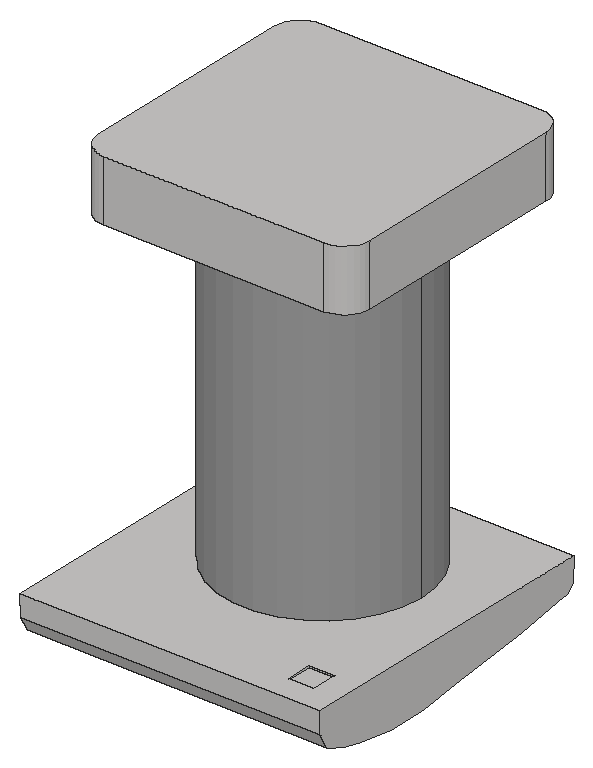
Revit family "HARMANN - AirDot 160", category Mechanical Equipment, host Face, Revit 2022
Family settings
  Host = Face
  Round Connector Dimension = Use Diameter
  Classification = None
  Part Type = Normal
  Cut with Voids When Loaded = No
  Maintain Annotation Orientation = No
  Shared = No
  Room Calculation Point = No
Parameters (values of type "AIRDOT 160 easy")
  Średnica = 155.00 mm  # constant formula
  Zasilanie natężenie maksymalne III biegi Imax = 0.1 A
  Zasilanie napięcie nominalne Unom = 230 V  # constant formula
  Zasilanie Rodzaj Sterowania = "III biegi"  # constant formula
  Zasilanie Moc maksymalna III bieg Pmax = 6.7 VA
  Zasilanie Moc maksymalna II bieg Pmax = 5.5 VA
  Zasilanie Moc maksymalna I bieg Pmax = 4.2 VA
  Zasilanie Ilość faz = 1  # constant formula
  Zasilanie Częstotliwość Nominalna = 50 Hz  # constant formula
  Powietrze ciśnienie statyczne maksymalne III dPmax = 54.0 Pa
  Powietrze ciśnienie statyczne maksymalne II dPmax = 35.0 Pa
  Powietrze ciśnienie statyczne maksymalne I dPmax = 20.0 Pa
  Powietrze Przepływ III bieg Qmax = 216.0 m³/h
  Powietrze Przepływ II bieg Qmax = 144.0 m³/h
  Powietrze Przepływ I bieg Qmax = 72.0 m³/h
  Otwór montażowy = 160.00 mm  # constant formula
  Odsunięcie od poziomu [instance] = 2300.00 mm
  Odległość od podłogi [instance] = "Zalecana odległość od podłogi - 2.3 m"  # constant formula
  Numer artykułu = "72251662"
  Model = "AIRDOT 160 easy"
  Masa = 4.90 kg
  Manufacturer = "Harmann Polska Sp. z o.o."  # constant formula
  Maksymalna  Temperatura pracy Tmax = 50 °C  # constant formula
  Kierunek przepływu = "Dwukierunkowy"  # constant formula
  Grubość ściany Rzeczywista [instance] = if(Grubość ściany < 250.00 mm, 250.00 mm, if(Grubość ściany > 500.00 mm, 500.00 mm, Grubość ściany))  # 250.00 mm
  Grubość ściany [instance] = 250.00 mm
  Description = "Rekuperatory ścienny"  # constant formula
  Default Elevation = 0.00 mm
  Ciśnienie akustyczne nominalne III Lpa = "30 dB(A)"
  Ciśnienie akustyczne nominalne II Lpa = "21 dB(A)"
  Ciśnienie akustyczne nominalne I Lpa = "20 dB(A)"
  Autor = "https://www.archispace.com/"
Types (4, lengths in mm): name | Numer artykułu | Model
  (no name) | "72251662" | "AIRDOT 160 easy"
  AIRDOT 160 link+ | "72251559" | "AIRDOT 160 link+"
  AIRDOT 160 link | "72251558" | "AIRDOT 160 link"
  AIRDOT 160 easy | "72251662" | "AIRDOT 160 easy"
Reference planes
  plane 1 "Center (Front/Back)": y = 0
  plane 2: z = 0
  plane 3 "Center (Left/Right)": x = 0
  plane 4: x = 106
  plane 5: x = -106
  plane 6: y = 2555.5
  plane 7: y = 2343.5
  plane 8: z = -250
  plane 9: z = 48
  plane 10: z = -290
  plane 11: y = 2548.5
  plane 12: y = 2300
  plane 13: x = -117
  plane 14: x = 117
  plane 15: y = 2449.5
Forms (mm)
  Sweep 1, void
    path origin (0, 200, 0) x (0, 1, 0) y (0, 0, 1)
      loop
        line (2249.5, 0) -> (2249.5, -250)
    profile origin (0, 2449.5, -125) x (1, 0, 0) y (0, 1, 0)
      loop
        circle (0, 0) r 80
  Sweep 2, solid, material "HARMANN - Stal Galwanizowana", detail levels medium+fine
    path origin (0, 0, 0) x (0, 1, 0) y (0, 0, 1)
      loop
        line (0, 48) -> (0, 0)
    profile origin (0, 0, 24) x (1, 0, 0) y (0, 1, 0)
      loop
        line (-106, 2535.5) -> (-106, 2363.5)
        arc (-106, 2363.5) -> (-100.142, 2349.358) -> (-86, 2343.5) r 20
        line (-86, 2343.5) -> (86, 2343.5)
        arc (86, 2343.5) -> (100.142, 2349.358) -> (106, 2363.5) r 20
        line (106, 2363.5) -> (106, 2535.5)
        arc (106, 2535.5) -> (100.142, 2549.642) -> (86, 2555.5) r 20
        line (86, 2555.5) -> (-86, 2555.5)
        arc (-86, 2555.5) -> (-100.142, 2549.642) -> (-106, 2535.5) r 20
  Sweep 3, solid, material "HARMANN - Stal Galwanizowana", detail levels medium+fine
    path origin (0, -1219.2, -250) x (-1, 0, 0) y (0, -1, 0)
      loop
        line (-117, -3519.2) -> (117, -3519.2)
    profile origin (0, 2300, -250) x (0, -1, 0) y (0, 0, 1)
      loop
        line (-247.527, -19.841) -> (-241.845, -24.548)
        arc (-241.845, -24.548) -> (-241.43, -24.753) -> (-240.966, -24.75) r 1.003
        arc (-240.966, -24.75) -> (-240.529, -24.873) -> (-240.084, -24.962) r 5.788
        line (-240.084, -24.962) -> (-197.475, -31.71) -> (-133.093, -39.498)
        arc (-133.093, -39.498) -> (-86.561, -44.527) -> (-40.029, -39.498) r 217.782
        line (-40.029, -39.498) -> (-35.878, -38.823)
        arc (-35.878, -38.823) -> (-35.477, -38.657) -> (-35.311, -38.256) r 0.567
        arc (-35.311, -38.256) -> (-20.903, -35.005) -> (-7.49, -28.817) r 70.377
        line (-7.49, -28.817) -> (-0.856, -17.357) -> (0, 0) -> (-248.5, 0) -> (-247.527, -19.841)
  Sweep 4, solid, material "HARMANN - Polipropylen"
    path origin (0, 200, 0) x (0, 1, 0) y (0, 0, 1)
      loop
        line (2249.5, 0) -> (2249.5, -250)
    profile origin (0, 2449.5, -125) x (1, 0, 0) y (0, 1, 0)
      loop
        circle (0, 0) r 77.5
  Sweep 5, solid, material "HARMANN - Stal Galwanizowana", detail levels coarse
    path origin (0, 0, 0) x (0, 1, 0) y (0, 0, 1)
      loop
        line (0, 48) -> (0, 0)
    profile origin (0, 0, 24) x (1, 0, 0) y (0, 1, 0)
      loop
        line (-106, 2555.5) -> (-106, 2343.5) -> (106, 2343.5) -> (106, 2555.5) -> (-106, 2555.5)
  Sweep 6, solid, material "HARMANN - Stal Galwanizowana", detail levels coarse
    path origin (0, -1219.2, -250) x (-1, 0, 0) y (0, -1, 0)
      loop
        line (-117, -3519.2) -> (117, -3519.2)
    profile origin (0, 2300, -250) x (0, -1, 0) y (0, 0, 1)
      loop
        line (0, 0) -> (-248.5, 0) -> (-248.5, -44.5) -> (0, -44.5) -> (0, 0)
  Extrusion 7, void
    sketch origin (117, 2548.5, -250) x (-1, 0, 0) y (0, -1, 0)
      loop
        line (40, 208.5) -> (40, 228.5) -> (20, 228.5) -> (20, 208.5) -> (40, 208.5)
    from -1 to 0
Cuts and joins
  Extrusion 7 cuts Sweep 3
Dimensions and locks
  equal spacing: plane 5, plane 3 "Center (Left/Right)", plane 4
  locked: plane 5 to plane 4 at 212
  locked: plane 7 to plane 6 at 212
  "Grubość ściany Rzeczywista": level to plane 8
  locked: plane 9 to level at 48
  locked: plane 10 to plane 8 at 40
  locked: plane 13 to plane 5 at 11
  locked: plane 4 to plane 14 at 11
  locked: plane 15 to plane 6 at 106
  "Odsunięcie od poziomu": plane 12 to plane 1 "Center (Front/Back)"
  locked: plane 6 to plane 12 at 255.5
  locked: plane 11 to plane 12 at 248.5
  locked: plane 12 to Extrusion 7 sketch curve at 20
  locked: plane 12 to Extrusion 7 sketch curve at 40
  locked: Extrusion 7 sketch curve to Sweep 6 at 40
  locked: Extrusion 7 sketch curve to Sweep 6 at 20
  "Otwór montażowy": diameter of Sweep 1 sketch curve
  "Średnica": diameter of Sweep 4 sketch curve
  aligned and locked: plane 2 to host face
  aligned and locked: level to host face
  aligned and locked: level to Sweep 1 sketch curve
  aligned and locked: Sweep 1 sketch curve to plane 8
  aligned and locked: plane 1 "Center (Front/Back)" to Sweep 2 sketch curve
  aligned and locked: level to Sweep 2 sketch curve
  aligned and locked: plane 9 to Sweep 2 sketch curve
  aligned and locked: Sweep 2 sketch curve to plane 5
  aligned and locked: plane 6 to Sweep 2 sketch curve
  aligned and locked: Sweep 2 sketch curve to plane 4
  aligned and locked: plane 7 to Sweep 2 sketch curve
  aligned and locked: Sweep 1 sketch curve to plane 15
  aligned and locked: Sweep 3 sketch curve to plane 12
  aligned and locked: plane 14 to Sweep 3 sketch curve
  aligned and locked: plane 13 to Sweep 3 sketch curve
  aligned and locked: plane 8 to Sweep 3 sketch curve
  aligned and locked: plane 2 to Sweep 4 sketch curve
  aligned and locked: Sweep 4 sketch curve to plane 8
Automatic sketch dimensions
  host sketch curve to host sketch curve = 2438.40 mm
  host sketch curve to host sketch curve = 1589.322 mm
  Sweep 2 sketch curve to Sweep 2 sketch curve = 20.00 mm  (x4)
  Sweep 3 sketch curve to profile plane = 0.00 mm
  profile plane to Sweep 3 sketch curve = 0.856 mm
  profile plane to Sweep 3 sketch curve = 7.49 mm
  Sweep 3 sketch curve to Sweep 3 sketch curve = 28.388 mm
  Sweep 3 sketch curve to Sweep 3 sketch curve = 4.151 mm
  Sweep 3 sketch curve to plane 8 = 31.641 mm
  profile plane to Sweep 3 sketch curve = 43.514 mm
  profile plane to Sweep 3 sketch curve = 86.561 mm
  plane 8 to Sweep 3 sketch curve = 39.498 mm
  Sweep 3 sketch curve to Sweep 3 sketch curve = 93.064 mm
  plane 8 to Sweep 3 sketch curve = 31.71 mm
  Sweep 3 sketch curve to Sweep 3 sketch curve = 64.382 mm
  plane 8 to Sweep 3 sketch curve = 19.245 mm
  Sweep 3 sketch curve to Sweep 3 sketch curve = 41.703 mm
  plane 8 to Sweep 3 sketch curve = 24.962 mm
  Sweep 3 sketch curve to Sweep 3 sketch curve = 0.906 mm
  Sweep 3 sketch curve to Sweep 3 sketch curve = 1.121 mm
  plane 8 to Sweep 3 sketch curve = 24.548 mm
  Sweep 3 sketch curve to Sweep 3 sketch curve = 0.64 mm
  plane 8 to Sweep 3 sketch curve = 19.841 mm
  Sweep 3 sketch curve to Sweep 3 sketch curve = 5.682 mm
  Sweep 3 sketch curve to Sweep 3 sketch curve = 0.674 mm
  Sweep 3 sketch curve to Sweep 3 sketch curve = 0.567 mm
  Sweep 3 sketch curve to Sweep 3 sketch curve = 0.773 mm
  Sweep 3 sketch curve to Sweep 3 sketch curve = 11.461 mm
  Sweep 3 sketch curve to Sweep 3 sketch curve = 141.615 mm
  Sweep 3 sketch curve to Sweep 3 sketch curve = 0.973 mm
  Sweep 4 sketch curve to plane 15 = 0.00 mm
  Sweep 5 sketch curve to level = 0.00 mm
  Sweep 5 sketch curve to plane 1 "Center (Front/Back)" = 0.00 mm
  plane 9 to Sweep 5 sketch curve = 0.00 mm
  Sweep 5 sketch curve to plane 3 "Center (Left/Right)" = 106.00 mm
  plane 3 "Center (Left/Right)" to Sweep 5 sketch curve = 106.00 mm
  Sweep 5 sketch curve to profile plane = 2343.50 mm
  Sweep 5 sketch curve to Sweep 5 sketch curve = 212.00 mm
  Sweep 6 sketch curve to plane 8 = 0.00 mm
  Sweep 6 sketch curve to Sweep 6 sketch curve = 248.50 mm
  plane 8 to Sweep 6 sketch curve = 44.50 mm
  Sweep 6 sketch curve to profile plane = 0.00 mm
  plane 12 to Sweep 6 sketch curve = 0.00 mm
  Sweep 6 sketch curve to plane 14 = 0.00 mm
  Sweep 6 sketch curve to plane 13 = 0.00 mm
  Sweep 1 sketch curve to plane 3 "Center (Left/Right)" = 0.00 mm
  profile plane to Sweep 1 sketch curve = 0.00 mm
  Sweep 4 sketch curve to plane 3 "Center (Left/Right)" = 0.00 mm
  profile plane to Sweep 4 sketch curve = 0.00 mm
Connectors
  electrical at (87, 2330, -251), driven by "Zasilanie Ilość faz", driven by "Zasilanie napięcie nominalne Unom", driven by "Zasilanie Moc maksymalna I bieg Pmax"
    settings: on cut or joined group of Sweep 3, Extrusion 7, index 1, voltage 230 V, apparent load 0 VA, apparent load phase1 4.2 VA, apparent load phase2 0 VA, apparent load phase3 0 VA, power factor 1, load classification "Other", number of poles 1, system type 31, power factor state 1, is connector primary yes, connector utility no, sub classification motor no, connector description ""
